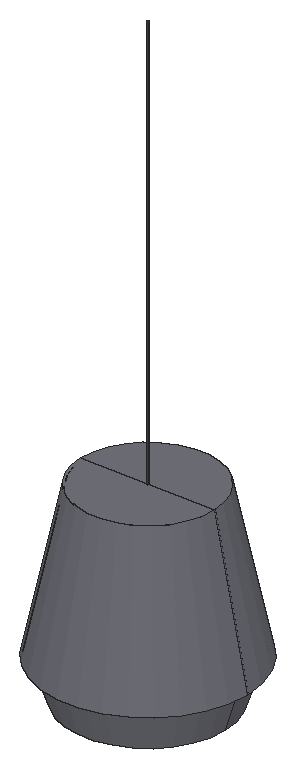
Revit family "Lighting_Pendants_Zero_Elements_XL_Pendant", category Lighting Fixtures, host Ceiling, Revit 2020
Family settings
  Host = Ceiling
  Round Connector Dimension = Use Diameter
  Part Type = Normal
  OmniClass Number = 23.80.70.00
  OmniClass Title = Lighting
  Always vertical = Yes
  Cut with Voids When Loaded = No
  Light Source = Yes
  Shared = No
  Room Calculation Point = No
Parameters (values of type "E27/Max 42W Blue")
  Youtube clip = ""
  Weight Net (Kg) = "2.5"
  Wattage = 2.46395 W
  WarrantyStartDate [instance] = "n/a"
  WarrantyGuarantorParts = "n/a"
  WarrantyGuarantorLabor = "n/a"
  WarrantyDurationUnit = "Year"
  WarrantyDurationParts = "n/a"
  WarrantyDurationLabor = "n/a"
  WarrantyDescription = "n/a"
  built-in parameter 1150110 = 1 (stored number, unit not read)
  VersionDate = "31/08/2023"  # constant formula
  Version = "3"  # constant formula
  UsageCurrent = 0 A
  Uniformat II Description = ""
  Uniformat II Code = ""
  Uniclass2015Reference = "Pr_70_70_48_86"
  Uniclass2015Description = "Suspended luminaires"
  Uniclass2 = "Pr_70_70_49_86"
  Uniclass 2015 Name = ""
  Uniclass 2015 Code = ""
  Uniclass 2.0 Description = ""
  Uniclass 2.0 Code = ""
  Uniclass 1.4 Description = ""
  Uniclass 1.4 Code = ""
  URL = "https://www.zerolighting.com/elementsxl-inompe/"
  UNSPSC Code = ""
  TotalWattage = 9 W
  built-in parameter 1114217 = 1 (stored number, unit not read)
  Tilt Angle = 90.00°
  built-in parameter 1150109 = 1 (stored number, unit not read)
  built-in parameter 1150134 = (empty or 0)
  Technical description = ""
  TagNumber [instance] = "n/a"
  SustainabilityPerformance = "n/a"
  built-in parameter 1150113 = 1 (stored number, unit not read)
  Size = "730x730x690 mm"
  Shape = "Sculptured"
  SerialNumber [instance] = "n/a"
  Revision = "5"  # constant formula
  ReplacementCost = "n/a"
  Region South America = "None"
  Region Oceania = "AU, NZ"
  Region North America = "BZ, CR, GT, HN, MX, NI, PA, SV, US"
  Region Middle East = "AE"
  Region Europe = "AD, AL, AT, AX, BA, BE, BG, BY, CH, CY, CZ, DE, DK, EE, ES, FI, FO, FR, GB, GG, GI, GR, HR, HU, IE, IM, IS, IT, JE, LI, LT, LU, LV, MC, MD, ME, MK, MT, NL, NO, PL, PT, RO, RS, RU, SE, SI, SJ, SK, SM, UA, VA"
  Region Asia = "HK, JP, SG"
  Region Antarctica = "None"
  Region Africa = "None"
  ProductInformation = "Elements is a complete family originated from Note Design Studio´s fascination for the Nordic mountains and its light. Dawn, dusk, midnight sun. Glittering lakes, wilderness and flora. Elements simple shapes direct the light and well-balanced materials give the design elasticity and great usability."
  Product group = "Pendant"
  Product family = "Elements XL"
  Product certification = ""
  Product SKU = "Elements_XL_pendant"
  Product Guid = "df77d0c7-9df7-4826-8adb-5f6ca1c388fe"
  Photometric Web File = "ElementsXL83305.IES"
  PhaseReference = "n/a"
  PhaseAngle = 0.00°
  OmniClass Description = ""
  OmniClass Code = ""
  Offset [instance] = -2198 mm
  NumberOfSources = 0
  NumberOfPoles = 1
  NominalVoltageCalc = 0 V
  NominalVoltage = 230 V
  NominalRadius = 365 mm
  NominalLength = 730 mm
  NominalFrequencyRange = 50 Hz
  NominalDiameter = 730 mm
  NominalCurrent = 0 A
  Nominal width = 730 mm
  Nominal height = 698 mm
  Name = "Zero_Elements_XL_Pendant"  # constant formula
  NBSReference = "90-60-50/405"
  NBSDescription = "General purpose luminaires"
  NBS Reference Description = ""
  NBS Reference Code = ""
  ModelReference = "n/a"
  ModelNumber = "8330-5-08"
  Model = "Elements XL E27/Max 42W Blue"
  Material secondary = "Steel"
  Material main = "Fabric"
  Material = "Fabric"
  Masterformat 2014 Description = ""
  Masterformat 2014 Code = ""
  ManufacturersSpecificInformation = "n/a"
  ManufacturerURL = "https://www.zerolighting.com/"
  ManufacturerName = "Zero"
  Manufacturer name = "ZERO"
  Manufacturer country = "Sweden"
  Manufacturer = "Zero"
  MaintenanceFactor = 0
  Lumens = 366 lm
  built-in parameter 1150115 = 1 (stored number, unit not read)
  built-in parameter 1150105 = 29.125 (stored number, unit not read)
  LightFixtureSecondaryMaterial = Plastic, Opaque Black
  LightFixturePlacingType = "Ceiling"
  LightFixtureMountingType = "Suspended"
  LightFixtureMainMaterial = Kvadrat Blue Time 300/683
  built-in parameter 1150137 = (empty or 0)
  built-in parameter 1150139 = (empty or 0)
  LensMaterial = Glass
  built-in parameter 1150112 = 1 (stored number, unit not read)
  built-in parameter 1150114 = 1 (stored number, unit not read)
  InsulationStandardClass = "n/a"
  InstallationDate [instance] = "n/a"
  Installation instructions = ""
  built-in parameter 1150132 = 2
  built-in parameter 1150102 = (empty or 0)
  built-in parameter 1150138 = (empty or 0)
  built-in parameter 1150107 = 3000 (stored number, unit not read)
  built-in parameter 1150106 = 0.29125 (stored number, unit not read)
  IfcExportType = "NOTDEFINED"  # constant formula
  IfcExportAs = "IfcLightFixtureType"  # constant formula
  IP_Code = "IP20"
  IFC Classification = ""
  HasProtectiveEarth = no
  Grade = "n/a"
  GTIN code = ""
  Finish = "n/a"
  Features = "Terminal block 2x2,25mm2"
  ExpectedLife = "n/a"
  Emit from Circle Diameter = 158 mm
  Emit Shape Visible in Rendering = no
  ElectricalDeviceNominalPower = 0
  built-in parameter 1150104 = 13.8 (stored number, unit not read)
  Edition number = 1
  EANNumber = "n/a"
  DurationUnit = "Year"
  Dimming Lamp Color Temperature Shift = <None>
  Dimming = "None"
  Designer = "Note Design Studio"
  Design country = "Sweden"
  DefaultElevation = 0 mm
  Default Elevation = 0 mm
  Date of publishing = ""
  Constituents = "n/a"
  Color Filter = 16777215
  Color = "Blue"
  Collection = "Elements XL"
  CodePerformance = "n/a"
  Category = "Pendant"
  CableLength [instance] = 1499.956 mm
  COBIe Type Category = ""
  Brand url = "http://www.zero.se"
  Brand = "Zero"
  Barcode [instance] = "n/a"
  built-in parameter 1114218 = 1 (stored number, unit not read)
  BIMObjectName = "Lighting_Pendants_Zero_Elements_XL_Pendant"  # constant formula
  Author = "BIMstone"  # constant formula
  built-in parameter 1150133 = 10 (stored number, unit not read)
  AssetType = "Fixed"
  AssetIdentifier [instance] = "n/a"
  ArticleNumber = "8330-5-08"
  AccessibilityPerformance = "n/a"
Types (3, lengths in mm): name | ModelNumber | Model | LightFixtureSecondaryMaterial | LightFixtureMainMaterial | Color | CableLength | ArticleNumber
  E27/Max 42W Apricot | "8330-5-08" | "Elements XL E27/Max 42W Blue" | Plastic, Opaque Black | Kvadrat Blue Time 300/683 | "Blue" | 1499.956 | "8330-5-08"
  E27/Max 42W White | "8330-5-01" | "Elements XL E27/Max 42W White" | Plastic, Opaque White | Kinnasand Chico White | "White" | 1500 | "8330-5-01"
  E27/Max 42W Blue | "8330-5-08" | "Elements XL E27/Max 42W Blue" | Plastic, Opaque Black | Kvadrat Blue Time 300/683 | "Blue" | 1499.956 | "8330-5-08"
Reference planes
  plane 1 "Light Source Axis (F/B)": y = 0
  plane 2: z = 0
  plane 3 "Light Source Axis (L/R)": x = 0
  plane 4 "Ceiling": z = 0
  plane 5 "Light Source Elevation": z = -2197.956
  plane 6: y = 365
  plane 7: y = -365
  plane 8: x = -365
  plane 9: x = 365
  plane 10: z = -1499.956
  plane 11: z = -2197.956
Forms (mm)
  Extrusion 1, solid, material "Plastic, Opaque Black" <- "LightFixtureSecondaryMaterial", detail levels medium+fine
    sketch origin (0, 0, -2197.956) x (-1, 0, 0) y (0, -1, 0)
      loop
        circle (0, 0) r 2.5
    from 698 to 2197.956
  Extrusion 2, solid, material "Kvadrat Blue Time 300/683" <- "LightFixtureMainMaterial", detail levels coarse
    sketch origin (0, 0, 0) x (0, 1, 0) y (0, 0, 1)
      loop
        line (365, 0) -> (-365, 0) -> (-365, -2197.956) -> (365, -2197.956) -> (365, 0)
    from -365 to 365
Lines and regions (mm)
  symbolic lines, detail levels medium+fine
    curve 1: line (2.5, 0, 0) -> (-2.5, 0, 0)
    curve 2: line (2.5, 0, 0) -> (2.5, 0, -1499.956)
    curve 3: line (-2.5, 0, -1499.956) -> (-2.5, 0, 0)
    curve 4: line (0, 2.5, 0) -> (0, -2.5, 0)
    curve 5: line (0, 2.5, 0) -> (0, 2.5, -1499.956)
    curve 6: line (0, -2.5, -1499.956) -> (0, -2.5, 0)
  symbolic lines, detail levels coarse
    curve 7: line (0, 365, 0) -> (0, -365, 0)
    curve 8: line (0, 365, -2197.956) -> (0, 365, 0)
    curve 9: line (0, -365, -2197.956) -> (0, 365, -2197.956)
    curve 10: line (0, -365, 0) -> (0, -365, -2197.956)
    curve 11: line (365, 0, 0) -> (-365, 0, 0)
    curve 12: line (365, 0, -2197.956) -> (365, 0, 0)
    curve 13: line (-365, 0, -2197.956) -> (365, 0, -2197.956)
    curve 14: line (-365, 0, 0) -> (-365, 0, -2197.956)
    curve 15: line (365, 365, 0) -> (-365, 365, 0)
    curve 16: line (365, -365, 0) -> (365, 365, 0)
    curve 17: line (-365, -365, 0) -> (365, -365, 0)
    curve 18: line (-365, 365, 0) -> (-365, -365, 0)
Dimensions and locks
  equal spacing: host sketch curve, plane 3 "Light Source Axis (L/R)", host sketch curve
  equal spacing: host sketch curve, plane 1 "Light Source Axis (F/B)", host sketch curve
  host sketch curve to host sketch curve = 4000 mm  (x2)
  locked: plane 4 "Ceiling" to host ceiling
  equal spacing: plane 6, plane 1 "Light Source Axis (F/B)", plane 7
  "NominalLength": plane 6 to plane 7
  equal spacing: plane 8, plane 3 "Light Source Axis (L/R)", plane 9
  "NominalLength": plane 8 to plane 9
  "CableLength": plane 10 to level
  "Nominal height": plane 10 to plane 11
  aligned and locked: plane 3 "Light Source Axis (L/R)" to imposter light
  aligned and locked: plane 1 "Light Source Axis (F/B)" to imposter light
  aligned and locked: plane 5 "Light Source Elevation" to imposter light
  aligned and locked: level to Extrusion 1
  aligned and locked: Extrusion 1 to plane 10
  aligned and locked: level to Extrusion 2 sketch curve
  aligned and locked: plane 6 to Extrusion 2 sketch curve
  aligned and locked: plane 11 to Extrusion 2 sketch curve
  aligned and locked: Extrusion 2 sketch curve to plane 7
  aligned and locked: plane 8 to Extrusion 2
  aligned and locked: Extrusion 2 to plane 9
  aligned and locked: curve 1 to Extrusion 1  (x2)
  aligned and locked: curve 3 to Extrusion 1
  aligned and locked: curve 4 to Extrusion 1
  aligned and locked: Extrusion 1 to curve 5
  aligned and locked: plane 5 "Light Source Elevation" to plane 11
  aligned and locked: curve 7 to Extrusion 2
  aligned and locked: curve 8 to Extrusion 2
  aligned and locked: curve 9 to Extrusion 2
  aligned and locked: curve 10 to Extrusion 2
  aligned and locked: curve 11 to Extrusion 2
  aligned and locked: curve 12 to Extrusion 2
  aligned and locked: curve 13 to Extrusion 2
  aligned and locked: curve 14 to Extrusion 2
  aligned and locked: curve 15 to plane 6
  aligned and locked: curve 16 to plane 9
  aligned and locked: curve 17 to plane 7
  aligned and locked: curve 18 to plane 8
  aligned and locked: plane 10 to nested 1
Automatic sketch dimensions
  plane 1 "Light Source Axis (F/B)" to Extrusion 1 sketch curve = 0 mm
  Extrusion 1 sketch curve to plane 3 "Light Source Axis (L/R)" = 0 mm
  curve 6 to plane 10 = 0 mm
  plane 1 "Light Source Axis (F/B)" to curve 6 = 2.5 mm
  curve 5 to plane 1 "Light Source Axis (F/B)" = 2.5 mm
  curve 2 to plane 10 = 0 mm
  curve 3 to plane 10 = 0 mm
  radius of Extrusion 1 sketch curve = 2.5 mm
Nested families
  nested 1: "elements730" at (0, 0, -2198), Lens <- "LensMaterial", Main <- "LightFixtureMainMaterial", built-in parameter 1001364 <- "Offset", type "elements730"
    with Main Kvadrat Blue Time 300/683, Lens Glass
Connectors
  electrical at (0, 0, 0), driven by "NominalVoltage"
    settings: on Extrusion 1, index 1, voltage 230 V, apparent load 0 VA, apparent load phase1 0 VA, apparent load phase2 0 VA, apparent load phase3 0 VA, power factor 1, load classification "Lighting", number of poles 1, system type 31, power factor state 1, is connector primary yes, connector utility no, sub classification motor no, connector description ""
Definition of nested family "elements730"
  Parameters (values of type "elements730")
    Main [instance] = none
    Lens [instance] = none
    Default Elevation = 0 mm
  Reference planes
    plane 1 "Center (Front/Back)": y = 0
    plane 2: z = 0
    plane 3 "Center (Left/Right)": x = 0
  Forms (mm)
    Revolve 1, solid, material <- "Main", detail levels medium+fine
      sketch origin (0, 0, 0) x (1, 0, 0) y (0, 0, 1)
        loop
          line (360.694, 143.169) -> (241.233, 698.044) -> (0, 698.044) -> (0, 691.2) -> (235.706, 691.2) -> (352.22, 150.013) -> (325.847, 150.013) -> (276.55, 6.844) -> (0, 6.844) -> (0, 0) -> (281.431, 0) -> (330.728, 143.169) -> (360.694, 143.169)
        axis (0, 698.044) -> (0, 0)
      angle from 0 to 360
    Revolve 2, void
      sketch origin (0, 0, 0) x (1, 0, 0) y (0, 0, 1)
        loop
          line (0, 7.234) -> (0, 0) -> (220, 0) -> (220, 7.234) -> (0, 7.234)
        axis (0, 7.234) -> (0, 0)
      angle from 0 to 360
    Extrusion 3, solid, material <- "Lens", detail levels medium+fine
      sketch origin (0, 0, 0) x (1, 0, 0) y (0, 1, 0)
        loop
          circle (0, 0) r 220
      from 0 to 8.152
  Cuts and joins
    Revolve 2 cuts Revolve 1
  Lines and regions (mm)
    symbolic lines, detail levels medium+fine
      curve 1: circle (0, 0, 0) r 365 normal (0, 0, 1)
      curve 4: line (241.761, 0, 698.044) -> (-242.001, 0, 698.044)
      curve 5: line (361.208, 0, 143.169) -> (330.52, 0, 143.169)
      curve 6: line (-330.76, 0, 143.169) -> (-281.463, 0, 0)
      curve 7: line (330.52, 0, 143.169) -> (281.223, 0, 0)
      curve 8: line (-330.76, 0, 143.169) -> (-361.447, 0, 143.169)
      curve 10: line (0, 358.584, 143.169) -> (0, 326.864, 143.169)
      curve 11: line (0, 239.137, 698.044) -> (0, -243.404, 698.044)
      curve 12: line (0, 277.694, 0) -> (0, -283.89, 0)
      curve 13: line (0, 326.864, 143.169) -> (0, 277.694, 0)
      curve 15: line (361.208, 0, 143.169) -> (241.761, 0, 698.044)
      curve 16: line (-361.447, 0, 143.169) -> (-242.001, 0, 698.044)
      curve 17: line (0, 358.584, 143.169) -> (0, 239.137, 698.044)
      curve 18: line (0, -362.85, 143.169) -> (0, -333.06, 143.169)
      curve 19: line (0, -333.06, 143.169) -> (0, -283.89, 0)
      curve 21: line (0, -362.85, 143.169) -> (0, -243.404, 698.044)
      curve 22: line (-281.463, 0, 0) -> (281.223, 0, 0)
    symbolic lines, detail levels fine
      curve 2: circle (0, 0, 0) r 235 normal (0, 0, 1)
      curve 3: circle (0, 0, 0) r 200 normal (0, 0, 1)
      curve 9: line (330.52, 0, 143.169) -> (-330.76, 0, 143.169)
      curve 14: line (0, 326.864, 143.169) -> (0, 0, 143.169)
      curve 20: line (0, -333.06, 143.169) -> (0, 0, 143.169)
  Dimensions and locks
    aligned and locked: level to plane 2
